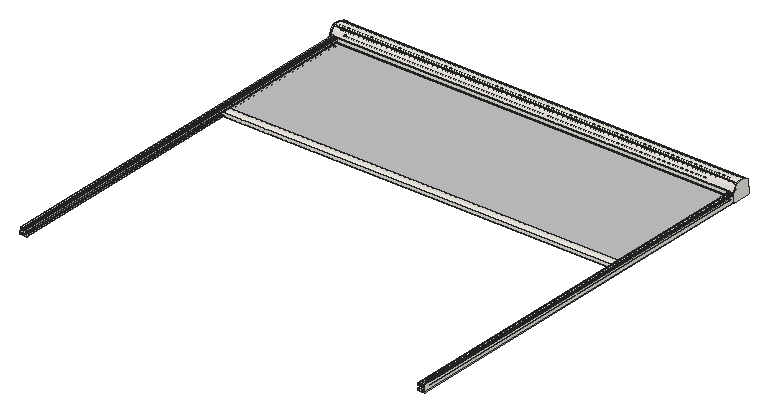
Revit family "Windows_Blinds_Nimex_Zip_130", category Specialty Equipment, host Face, Revit 2018
Family settings
  Host = Face
  Round Connector Dimension = Use Diameter
  Part Type = Normal
  OmniClass Number = 23.40.10.14
  OmniClass Title = Exterior Specialties
  Cut with Voids When Loaded = No
  Shared = No
  Room Calculation Point = No
Parameters (values of type "Zip 130")
  TotalWidthControl [instance] = if(TotalWidth < 700 mm, 700 mm, if(TotalWidth > 4500 mm, 4500 mm, TotalWidth))  # 3000 mm
  WarrantyStartDate [instance] = "n/a"
  WarrantyGuarantorParts = "n/a"
  WarrantyGuarantorLabor = "n/a"
  WarrantyDurationUnit = "Years"
  WarrantyDurationParts = "n/a"
  WarrantyDurationLabor = "n/a"
  WarrantyDescription = "n/a"
  VersionDate = "14/12/2021"  # constant formula
  Version = "2"  # constant formula
  Uniclass2015Reference = "Ss_25_12_60_65"
  Uniclass2015Description = "Privacy screen systems"
  Uniclass2 = "Ss_25_12_60_65"
  URL = ""
  Type Comments = ""
  TotalWidth [instance] = 3000 mm
  TotalHeight [instance] = 3000 mm
  TagNumber [instance] = "n/a"
  SustainabilityPerformance = "n/a"
  HeightLimit [instance] = if(11.00 m² / TotalWidthControl > 4000 mm, 4000 mm, 11.00 m² / TotalWidthControl)  # 3666.667 mm
  Size = "4500x120x4000 mm"
  Shape = "Sculptured"
  SerialNumber [instance] = "n/a"
  ScreenHeightControl [instance] = if(ScreenHeightPosition < 0 mm, 0 mm, if(ScreenHeightPosition > TotalHeightControl - 195 mm, TotalHeightControl - 195 mm, ScreenHeightPosition))  # 1000 mm
  ScreenHeightPosition [instance] = 1000 mm
  Revision = "1"  # constant formula
  ReplacementCost = "n/a"
  ProductInformation = "n/a"
  ProductDatasheet = ""
  NominalWidth [instance] = TotalWidthControl  # 3000 mm
  NominalHeight [instance] = TotalHeightControl  # 3000 mm
  NominalDepth = 121.11 mm
  Name = "Nimex_Zip_130"
  NBSReference = "25-05-60/165"
  NBSDescription = "Privacy screen system"
  ModelReference = "n/a"
  ModelNumber = "n/a"
  Model = "Zip 130"
  Material = "Aluminum & plastic"
  ManufacturerURL = "https://www.nimex.se/"
  ManufacturerName = "Nimex"
  Manufacturer = ManufacturerName  # "Nimex"
  InstallationDate [instance] = "n/a"
  IfcExportType = "BLIND"  # constant formula
  IfcExportAs = "IfcShadingDeviceType"  # constant formula
  TotalHeightControl [instance] = if(TotalHeight < 500 mm, 500 mm, if(TotalHeight > HeightLimit, HeightLimit, TotalHeight))  # 3000 mm
  Grade = "n/a"
  Finish = "Profile color Lacquered aluminum profile. White, gray or black. Optional RAL color at extra cost. Material Plastic details in black or white."
  Features = "Sun protection type Fiberglass-based screen weave."
  ExpectedLife = "n/a"
  DurationUnit = "Years"
  Description = ""
  Default Elevation = 0 mm
  Constituents = "n/a"
  Color = "Various"
  CodePerformance = "n/a"
  Category = "Screens"
  Brand = "Elissi"
  BlindSecondaryMaterial [instance] = White steel
  BlindMainMaterial [instance] = 321707 Pearl-white
  Barcode [instance] = "n/a"
  BIMObjectName = "Windows_Blinds_Nimex_Zip_130"
  Author = "BIMStone"  # constant formula
  AssetType = "Fixed"
  AssetIdentifier [instance] = "n/a"
  Assembly Code = ""
  AccessibilityPerformance = "n/a"
Reference planes
  plane 1 "Center (Front/Back)": y = 0
  plane 2: z = 0
  plane 3 "Center (Left/Right)": x = 0
  plane 4: x = -1500
  plane 5: x = 1500
  plane 6: y = 3000
  plane 7: z = 121.11
Dimensions and locks
  equal spacing: plane 4, plane 3 "Center (Left/Right)", plane 5
  "NominalWidth": plane 4 to plane 5
  "NominalHeight": plane 6 to plane 1 "Center (Front/Back)"
  "NominalDepth": plane 2 to plane 7
  aligned and locked: host face to plane 2
  aligned and locked: level to host face
  aligned and locked: nested 1 to plane 2
  aligned and locked: nested 1 to plane 1 "Center (Front/Back)"
  aligned and locked: plane 3 "Center (Left/Right)" to nested 1
Automatic sketch dimensions
  host sketch curve to host sketch curve = 5000 mm
  host sketch curve to host sketch curve = 5719.2 mm
Nested families
  nested 1: "Zip_130" at (0, 0, 29.5) x (1, 0, 0) z (0, 1, 0), FrameMaterial <- "BlindSecondaryMaterial", ScreenMaterial <- "BlindMainMaterial", ScreenHeigthControl <- "ScreenHeightControl", TotalHeightControl <- "TotalHeightControl", TotalWidthControl <- "TotalWidthControl", type "Zip_130"
    with TotalWidthControl 3000 mm, TotalHeightControl 3000 mm, ScreenMaterial 321707 Pearl-white, ScreenHeigthControl 1000 mm, FrameMaterial White steel
Definition of nested family "Zip_130"
  Parameters (values of type "Zip_130")
    TotalWidthControl [instance] = 1000 mm
    TotalHeightControl [instance] = 2000 mm
    ScreenMaterial [instance] = none
    ScreenHeigthControl [instance] = 500 mm
    FrameMaterial [instance] = none
    Default Elevation = 1219.2 mm
  Reference planes
    plane 1 "Center (Front/Back)": y = 5.4
    plane 2: z = 0
    plane 3 "Center (Left/Right)": x = 0
    plane 4: x = -500
    plane 5: x = 500
    plane 6: z = 2000
    plane 7: y = -20.352
    plane 8: y = 29.5
    plane 9: y = -91.61
    plane 10: z = 1870
    plane 11: z = 1370
    plane 12: z = 1305
  Forms (mm)
    Extrusion 1, solid, material <- "FrameMaterial", detail levels coarse
      sketch origin (0, 0, 0) x (1, 0, 0) y (0, 1, 0)
        loop
          line (-500, 29.5) -> (-500, -91.61) -> (500, -91.61) -> (500, 29.5) -> (-500, 29.5)
      from 0 to 2000 <- "TotalHeightControl"
  Lines and regions (mm)
    symbolic lines, detail levels medium+fine
      curve 1: line (0, -20.352, 1870) -> (0, -20.352, 0)
      curve 2: line (0, 29.5, 1870) -> (0, 29.5, 0)
      curve 3: line (0, 29.5, 0) -> (0, -20.352, 0)
      curve 4: line (-500, 5.4, 2000) -> (500, 5.4, 2000)
      curve 6: line (-500, 5.4, 2000) -> (-500, 5.4, 0)
      curve 7: line (500, 5.4, 0) -> (500, 5.4, 2000)
      curve 11: line (-500, 29.5, 0) -> (500, 29.5, 0)
      curve 12: line (-500, -91.61, 0) -> (-500, 29.5, 0)
      curve 13: line (500, -91.61, 0) -> (-500, -91.61, 0)
      curve 14: line (500, 29.5, 0) -> (500, -91.61, 0)
      curve 17: line (-500, 5.4, 0) -> (-450, 5.4, 0)
      curve 20: line (450, 5.4, 0) -> (500, 5.4, 0)
    symbolic lines, detail levels fine
      curve 5: line (-500, 5.4, 1870) -> (500, 5.4, 1870)
      curve 8: line (-450, 5.4, 1370) -> (450, 5.4, 1370)
      curve 9: line (450, 5.4, 0) -> (450, 5.4, 1870)
      curve 10: line (-450, 5.4, 0) -> (-450, 5.4, 1870)
      curve 15: line (-500, -72.011, 0) -> (500, -72.011, 0)
      curve 16: line (-500, -76.162, 0) -> (500, -76.162, 0)
      curve 18: line (-450, 5.4, 1305) -> (450, 5.4, 1305)
      curve 21: line (426.153, 20.745, 0) -> (-426.153, 20.745, 0)
      curve 22: line (-426.153, -10.055, 0) -> (426.153, -10.055, 0)
      curve 23: line (0, 11.4, 1870) -> (0, 11.4, 0)
      curve 24: line (0, -0.6, 1870) -> (0, -0.6, 0)
    symbolic lines, detail levels medium
      curve 19: line (-450, 5.4, 0) -> (450, 5.4, 0)
  Dimensions and locks
    "TotalWidthControl": plane 4 to plane 5
    equal spacing: plane 4, plane 3 "Center (Left/Right)", plane 5
    plane 8 to plane 9 = 121.11 mm
    locked: plane 6 to plane 10 at 130
    "TotalHeightControl": plane 6 to plane 2
    "ScreenHeigthControl": plane 10 to plane 11
    locked: plane 11 to plane 12 at 65
    aligned and locked: level to plane 2
    aligned and locked: plane 5 to nested 2
    aligned and locked: plane 3 "Center (Left/Right)" to nested 3
    aligned and locked: plane 4 to curve 4
    aligned and locked: plane 5 to curve 4
    aligned and locked: plane 5 to curve 5
    aligned and locked: plane 4 to curve 5
    aligned and locked: curve 5 to curve 10
    aligned and locked: plane 10 to curve 9
    aligned and locked: plane 4 to curve 12
    aligned and locked: plane 5 to curve 14
    aligned and locked: curve 13 to plane 9
    aligned and locked: curve 11 to plane 8
    aligned and locked: plane 2 to curve 10
    aligned and locked: plane 6 to nested 3
    aligned and locked: plane 8 to nested 3  (x2)
    aligned and locked: nested 5 to plane 11
    aligned and locked: plane 8 to nested 1
    aligned and locked: nested 2 to plane 8
    aligned and locked: nested 2 to plane 5  (x2)
    aligned and locked: plane 1 "Center (Front/Back)" to nested 5
    aligned and locked: plane 1 "Center (Front/Back)" to nested 1
    aligned and locked: nested 2 to plane 1 "Center (Front/Back)"
    aligned and locked: plane 3 "Center (Left/Right)" to nested 5
    aligned and locked: plane 1 "Center (Front/Back)" to nested 4
    aligned and locked: curve 18 to plane 12
    aligned and locked: plane 4 to nested 1
    aligned and locked: nested 1 to curve 21
    aligned and locked: curve 22 to nested 1
    aligned and locked: nested 2 to curve 21
    aligned and locked: curve 22 to nested 2
    aligned and locked: plane 10 to curve 23
    aligned and locked: plane 10 to curve 24
    aligned and locked: plane 1 "Center (Front/Back)" to nested 3
  Automatic sketch dimensions
    Extrusion 1 sketch curve to plane 4 = 0 mm
    Extrusion 1 sketch curve to plane 5 = 0 mm
    plane 9 to Extrusion 1 sketch curve = 0 mm
    Extrusion 1 sketch curve to plane 8 = 0 mm
    curve 6 to curve 10 = 50 mm
    curve 19 to curve 7 = 50 mm
    curve 6 to plane 6 = 0 mm
    curve 8 to plane 11 = 0 mm
    curve 21 to plane 8 = 8.755 mm
    plane 7 to curve 22 = 10.297 mm
    curve 12 to curve 16 = 15.447 mm
    curve 16 to curve 15 = 4.152 mm
    curve 3 to level = 0 mm
    curve 3 to plane 7 = 0 mm
    curve 2 to plane 8 = 0 mm
    plane 10 to curve 2 = 0 mm
    plane 10 to curve 1 = 0 mm
    plane 1 "Center (Front/Back)" to curve 24 = 6 mm
    curve 23 to plane 1 "Center (Front/Back)" = 6 mm
  Nested families
    nested 1: "Zip_130_Legs" at (-500, 5.4, 0), TotalHeight <- "TotalHeightControl", Metal <- "FrameMaterial", type "Zip_130_Legs"
      with TotalHeight 2000 mm, Metal none
    nested 2: "Zip_130_Legs" at (500, 5.4, 0) x (-1, 0, 0) z (0, 0, 1), TotalHeight <- "TotalHeightControl", Metal <- "FrameMaterial", type "Zip_130_Legs"
      with TotalHeight 2000 mm, Metal none
    nested 3: "Zip_130_Top" at (0, -17.646, 1870), TotalWidth <- "TotalWidthControl", Metal <- "FrameMaterial", Screen <- "ScreenMaterial", type "Zip_130_Top"
      with TotalWidth 1000 mm, Screen none, Metal none
    nested 4: "Zip_130_Screen" at (0, 5.4, 0), ScreenHeightControl <- "ScreenHeigthControl", TotalHeight <- "TotalHeightControl", TotalWidth <- "TotalWidthControl", Screen <- "ScreenMaterial", type "Zip_130_Screen", detail levels medium+fine
      with TotalWidth 1000 mm, TotalHeight 2000 mm, ScreenHeightControl 500 mm, Screen none
    nested 5: "Zip_130_Screen-Frame" at (0, 5.4, 1305), TotalWidth <- "TotalWidthControl", Metal <- "FrameMaterial", type "Zip_130_Screen-Frame", detail levels medium+fine
      with TotalWidth 1000 mm, Metal none
  Definition of nested family "Zip_130_Legs"
    Parameters (values of type "Zip_130_Legs")
      TotalHeight [instance] = 500 mm
      Metal [instance] = none
    Reference planes
      plane 1 "Center (Front/Back)": y = 0
      plane 2: z = 0
      plane 3 "Center (Left/Right)": x = 0
      plane 4: z = 370
      plane 5: z = 500
      plane 6: y = 24.1
      plane 7: y = -25.752
      plane 8: x = 49.2
    Forms (mm)
      Extrusion 1, solid, material <- "Metal", detail levels medium+fine
        sketch origin (17, 0.4, 0) x (1, 0, 0) y (0, 1, 0)
          loop
            line (31.2, -7.549) -> (22.9, -7.549)
            arc (22.9, -7.549) -> (22.3, -8.149) -> (22.9, -8.749) r 0.6
            line (22.9, -8.749) -> (26.5, -8.749)
            arc (26.5, -8.749) -> (26.854, -8.896) -> (27, -9.249) r 0.5
            line (27, -9.249) -> (27, -13.774)
            arc (27, -13.774) -> (26.854, -14.128) -> (26.5, -14.274) r 0.5
            line (26.5, -14.274) -> (5.5, -14.274)
            arc (5.5, -14.274) -> (4.9, -14.874) -> (5.5, -15.474) r 0.6
            line (5.5, -15.474) -> (11.8, -15.474) -> (11.8, -21.685)
            arc (11.8, -21.685) -> (7.623, -23.137) -> (3.313, -22.149) r 8
            line (3.313, -22.149) -> (0.1, -22.149)
            arc (0.1, -22.149) -> (-0.5, -22.749) -> (0.1, -23.349) r 0.6
            line (0.1, -23.349) -> (2.6, -23.349) -> (2.6, -24.504)
            arc (2.6, -24.504) -> (17.009, -26.151) -> (31.422, -24.541) r 64.554
            arc (31.422, -24.541) -> (31.982, -24.189) -> (32.2, -23.566) r 1
            line (32.2, -23.566) -> (32.2, -8.549)
            arc (32.2, -8.549) -> (31.907, -7.842) -> (31.2, -7.549) r 1
          loop
            arc (9.919, -24.566) -> (18.474, -24.932) -> (27, -24.14) r 63.354
            line (27, -24.14) -> (27, -15.974)
            arc (27, -15.974) -> (26.854, -15.621) -> (26.5, -15.474) r 0.5
            line (26.5, -15.474) -> (13, -15.474) -> (13, -23.109) -> (11.8, -23.109)
            arc (11.8, -23.109) -> (10.855, -23.586) -> (9.862, -23.952) r 9.2
            arc (9.862, -23.952) -> (9.64, -24.282) -> (9.919, -24.566) r 0.315
          loop
            arc (28.2, -23.397) -> (28.373, -23.764) -> (28.766, -23.866) r 0.478
            arc (28.766, -23.866) -> (29.699, -23.684) -> (30.628, -23.488) r 63.354
            arc (30.628, -23.488) -> (30.967, -23.278) -> (31.1, -22.902) r 0.6
            line (31.1, -22.902) -> (31.1, -9.249)
            arc (31.1, -9.249) -> (30.954, -8.896) -> (30.6, -8.749) r 0.5
            line (30.6, -8.749) -> (28.7, -8.749)
            arc (28.7, -8.749) -> (28.346, -8.896) -> (28.2, -9.249) r 0.5
            line (28.2, -9.249) -> (28.2, -23.397)
        from 0 to 370
      Extrusion 2, solid, material <- "Metal", detail levels medium+fine
        sketch origin (67, 0.4, 0) x (1, 0, 0) y (0, 1, 0)
          loop
            arc (-66, 23.701) -> (-66.707, 23.408) -> (-67, 22.701) r 1
            line (-67, 22.701) -> (-67, -23.9)
            arc (-67, -23.9) -> (-66.707, -24.607) -> (-66, -24.9) r 1
            line (-66, -24.9) -> (-47.6, -24.9) -> (-47.6, -23.499) -> (-50.6, -23.499) -> (-50.6, -21.799) -> (-38.683, -21.799)
            arc (-38.683, -21.799) -> (-38.297, -21.503) -> (-38.483, -21.053) r 0.4
            line (-38.483, -21.053) -> (-39.399, -20.524) -> (-48.1, -20.524) -> (-48.1, -17.324) -> (-39.479, -17.324) -> (-38.51, -16.801)
            arc (-38.51, -16.801) -> (-38.312, -16.351) -> (-38.7, -16.049) r 0.4
            line (-38.7, -16.049) -> (-44.6, -16.049) -> (-44.6, -14.349) -> (-41.4, -14.349) -> (-41.4, 15.101) -> (-23.2, 15.101) -> (-23.2, 7.901) -> (-27, 7.901)
            arc (-27, 7.901) -> (-27.6, 7.301) -> (-27, 6.701) r 0.6
            line (-27, 6.701) -> (-18.8, 6.701)
            arc (-18.8, 6.701) -> (-18.093, 6.994) -> (-17.8, 7.701) r 1
            line (-17.8, 7.701) -> (-17.8, 22.701)
            arc (-17.8, 22.701) -> (-18.093, 23.408) -> (-18.8, 23.701) r 1
            line (-18.8, 23.701) -> (-66, 23.701)
          loop
            line (-65.8, -23.7) -> (-51.8, -23.7) -> (-51.8, -20.599) -> (-49.3, -20.599) -> (-49.3, -16.124) -> (-45.8, -16.124) -> (-45.8, -13.149) -> (-42.6, -13.149) -> (-42.6, 13.601) -> (-45.895, 13.601)
            arc (-45.895, 13.601) -> (-47.054, 14.889) -> (-47.324, 16.601) r 3.05
            line (-47.324, 16.601) -> (-51.8, 16.601) -> (-51.8, 22.501) -> (-55.7, 22.501) -> (-55.7, 14.501) -> (-57.2, 14.501) -> (-57.2, 19.501) -> (-59.4, 19.501) -> (-59.4, 20.801) -> (-57.2, 20.801) -> (-57.2, 22.501) -> (-65.8, 22.501) -> (-65.8, 20.801) -> (-63.6, 20.801) -> (-63.6, 19.501) -> (-65.8, 19.501) -> (-65.8, -12.499) -> (-57.2, -12.499) -> (-57.2, -7.499) -> (-55.7, -7.499) -> (-55.7, -13.999) -> (-65.8, -13.999) -> (-65.8, -23.7)
          loop
            line (-41.286, 16.301) -> (-23, 16.301)
            arc (-23, 16.301) -> (-22.293, 16.008) -> (-22, 15.301) r 1
            line (-22, 15.301) -> (-22, 7.901) -> (-19, 7.901) -> (-19, 22.501) -> (-50.6, 22.501) -> (-50.6, 17.951) -> (-45.543, 17.951)
            arc (-45.543, 17.951) -> (-45.183, 17.728) -> (-45.221, 17.306) r 0.403
            line (-45.221, 17.306) -> (-46.05, 16.201)
            arc (-46.05, 16.201) -> (-45.865, 15.418) -> (-45.35, 14.801) r 1.75
            line (-45.35, 14.801) -> (-43.25, 14.801)
            arc (-43.25, 14.801) -> (-42.735, 15.418) -> (-42.55, 16.201) r 1.75
            line (-42.55, 16.201) -> (-43.379, 17.306)
            arc (-43.379, 17.306) -> (-43.417, 17.728) -> (-43.057, 17.951) r 0.403
            line (-43.057, 17.951) -> (-41.973, 17.951)
            arc (-41.973, 17.951) -> (-41.415, 17.215) -> (-41.286, 16.301) r 1.837
        from 0 to 370
    Lines and regions (mm)
      symbolic lines, detail levels fine
        curve 1: line (9.8, -7.1, 0) -> (9.8, -12.1, 0)
        curve 2: line (9.8, -12.1, 0) -> (1.2, -12.1, 0)
        curve 3: line (1.2, -12.1, 0) -> (1.2, 19.9, 0)
        curve 4: line (1.2, 19.9, 0) -> (3.4, 19.9, 0)
        curve 5: line (3.4, 19.9, 0) -> (3.4, 21.2, 0)
        curve 6: line (3.4, 21.2, 0) -> (1.2, 21.2, 0)
        curve 7: line (1.2, 21.2, 0) -> (1.2, 22.9, 0)
        curve 8: line (1.2, 22.9, 0) -> (9.8, 22.9, 0)
        curve 9: line (9.8, 22.9, 0) -> (9.8, 21.2, 0)
        curve 10: line (9.8, 21.2, 0) -> (7.6, 21.2, 0)
        curve 11: line (7.6, 21.2, 0) -> (7.6, 19.9, 0)
        curve 12: line (7.6, 19.9, 0) -> (9.8, 19.9, 0)
        curve 13: line (9.8, 19.9, 0) -> (9.8, 14.9, 0)
        curve 14: line (9.8, 14.9, 0) -> (11.3, 14.9, 0)
        curve 15: line (11.3, 14.9, 0) -> (11.3, 22.9, 0)
        curve 16: line (11.3, 22.9, 0) -> (15.2, 22.9, 0)
        curve 17: line (15.2, 22.9, 0) -> (15.2, 17, 0)
        curve 18: line (15.2, 17, 0) -> (19.676, 17, 0)
        curve 19: arc (19.676, 17, 0) -> (19.946, 15.289, 0) -> (21.105, 14, 0) r 3.05
        curve 20: line (21.105, 14, 0) -> (24.4, 14, 0)
        curve 21: line (24.4, 14, 0) -> (24.4, -12.75, 0)
        curve 22: line (24.4, -12.75, 0) -> (21.2, -12.75, 0)
        curve 23: line (21.2, -12.75, 0) -> (21.2, -15.725, 0)
        curve 24: line (21.2, -15.725, 0) -> (17.7, -15.725, 0)
        curve 25: line (17.7, -15.725, 0) -> (17.7, -20.2, 0)
        curve 26: line (17.7, -20.2, 0) -> (15.2, -20.2, 0)
        curve 27: line (15.2, -20.2, 0) -> (15.2, -23.3, 0)
        curve 28: line (15.2, -23.3, 0) -> (1.2, -23.3, 0)
        curve 29: line (1.2, -23.3, 0) -> (1.2, -13.6, 0)
        curve 30: line (1.2, -13.6, 0) -> (11.3, -13.6, 0)
        curve 31: line (11.3, -13.6, 0) -> (11.3, -7.1, 0)
        curve 32: line (11.3, -7.1, 0) -> (9.8, -7.1, 0)
        curve 33: line (43.8, 15.5, 0) -> (43.8, 8.3, 0)
        curve 34: line (43.8, 8.3, 0) -> (40, 8.3, 0)
        curve 35: arc (40, 8.3, 0) -> (39.4, 7.7, 0) -> (40, 7.1, 0) r 0.6
        curve 36: line (40, 7.1, 0) -> (48.2, 7.1, 0)
        curve 37: arc (48.2, 7.1, 0) -> (48.907, 7.393, 0) -> (49.2, 8.1, 0) r 1
        curve 38: line (49.2, 8.1, 0) -> (49.2, 23.1, 0)
        curve 39: arc (49.2, 23.1, 0) -> (48.907, 23.807, 0) -> (48.2, 24.1, 0) r 1
        curve 40: line (48.2, 24.1, 0) -> (1, 24.1, 0)
        curve 41: arc (1, 24.1, 0) -> (0.293, 23.807, 0) -> (0, 23.1, 0) r 1
        curve 42: line (0, 23.1, 0) -> (0, -23.5, 0)
        curve 43: arc (0, -23.5, 0) -> (0.293, -24.207, 0) -> (1, -24.5, 0) r 1
        curve 44: line (1, -24.5, 0) -> (19.4, -24.5, 0)
        curve 45: line (19.4, -24.5, 0) -> (19.4, -23.1, 0)
        curve 46: line (19.4, -23.1, 0) -> (16.4, -23.1, 0)
        curve 47: line (16.4, -23.1, 0) -> (16.4, -21.4, 0)
        curve 48: line (16.4, -21.4, 0) -> (28.317, -21.4, 0)
        curve 49: arc (28.317, -21.4, 0) -> (28.703, -21.103, 0) -> (28.517, -20.653, 0) r 0.4
        curve 50: line (28.517, -20.653, 0) -> (27.601, -20.125, 0)
        curve 51: line (27.601, -20.125, 0) -> (18.9, -20.125, 0)
        curve 52: line (18.9, -20.125, 0) -> (18.9, -16.925, 0)
        curve 53: line (18.9, -16.925, 0) -> (27.521, -16.925, 0)
        curve 54: line (27.521, -16.925, 0) -> (28.49, -16.402, 0)
        curve 55: arc (28.49, -16.402, 0) -> (28.688, -15.952, 0) -> (28.3, -15.65, 0) r 0.4
        curve 56: line (28.3, -15.65, 0) -> (22.4, -15.65, 0)
        curve 57: line (22.4, -15.65, 0) -> (22.4, -13.95, 0)
        curve 58: line (22.4, -13.95, 0) -> (25.6, -13.95, 0)
        curve 59: line (25.6, -13.95, 0) -> (25.6, 15.5, 0)
        curve 60: line (25.6, 15.5, 0) -> (43.8, 15.5, 0)
        curve 61: line (45, 8.3, 0) -> (45, 15.7, 0)
        curve 62: arc (45, 15.7, 0) -> (44.707, 16.407, 0) -> (44, 16.7, 0) r 1
        curve 63: line (44, 16.7, 0) -> (25.714, 16.7, 0)
        curve 64: arc (25.714, 16.7, 0) -> (25.585, 17.615, 0) -> (25.027, 18.35, 0) r 1.837
        curve 65: line (25.027, 18.35, 0) -> (23.943, 18.35, 0)
        curve 66: arc (23.943, 18.35, 0) -> (23.583, 18.128, 0) -> (23.621, 17.706, 0) r 0.403
        curve 67: line (23.621, 17.706, 0) -> (24.45, 16.6, 0)
        curve 68: arc (24.45, 16.6, 0) -> (24.265, 15.818, 0) -> (23.75, 15.2, 0) r 1.75
        curve 69: line (23.75, 15.2, 0) -> (21.65, 15.2, 0)
        curve 70: arc (21.65, 15.2, 0) -> (21.135, 15.818, 0) -> (20.95, 16.6, 0) r 1.75
        curve 71: line (20.95, 16.6, 0) -> (21.779, 17.706, 0)
        curve 72: arc (21.779, 17.706, 0) -> (21.817, 18.128, 0) -> (21.457, 18.35, 0) r 0.403
        curve 73: line (21.457, 18.35, 0) -> (16.4, 18.35, 0)
        curve 74: line (16.4, 18.35, 0) -> (16.4, 22.9, 0)
        curve 75: line (16.4, 22.9, 0) -> (48, 22.9, 0)
        curve 76: line (48, 22.9, 0) -> (48, 8.3, 0)
        curve 77: line (48, 8.3, 0) -> (45, 8.3, 0)
        curve 78: arc (19.6, -24.104, 0) -> (34.009, -25.752, 0) -> (48.422, -24.141, 0) r 64.554
        curve 79: arc (48.422, -24.141, 0) -> (48.982, -23.79, 0) -> (49.2, -23.166, 0) r 1
        curve 80: line (49.2, -23.166, 0) -> (49.2, -8.15, 0)
        curve 81: arc (49.2, -8.15, 0) -> (48.907, -7.443, 0) -> (48.2, -7.15, 0) r 1
        curve 82: line (48.2, -7.15, 0) -> (39.9, -7.15, 0)
        curve 83: arc (39.9, -7.15, 0) -> (39.3, -7.75, 0) -> (39.9, -8.35, 0) r 0.6
        curve 84: line (39.9, -8.35, 0) -> (43.5, -8.35, 0)
        curve 85: arc (43.5, -8.35, 0) -> (43.854, -8.496, 0) -> (44, -8.85, 0) r 0.5
        curve 86: line (44, -8.85, 0) -> (44, -13.374, 0)
        curve 87: arc (44, -13.374, 0) -> (43.854, -13.728, 0) -> (43.5, -13.874, 0) r 0.5
        curve 88: line (43.5, -13.874, 0) -> (22.5, -13.874, 0)
        curve 89: arc (22.5, -13.874, 0) -> (21.9, -14.474, 0) -> (22.5, -15.074, 0) r 0.6
        curve 90: line (22.5, -15.074, 0) -> (28.8, -15.074, 0)
        curve 91: line (28.8, -15.074, 0) -> (28.8, -21.285, 0)
        curve 92: arc (28.8, -21.285, 0) -> (24.623, -22.738, 0) -> (20.313, -21.75, 0) r 8
        curve 93: line (20.313, -21.75, 0) -> (17.1, -21.75, 0)
        curve 94: arc (17.1, -21.75, 0) -> (16.5, -22.35, 0) -> (17.1, -22.95, 0) r 0.6
        curve 95: line (17.1, -22.95, 0) -> (19.6, -22.95, 0)
        curve 96: line (19.6, -22.95, 0) -> (19.6, -24.104, 0)
        curve 97: line (30, -22.709, 0) -> (30, -15.074, 0)
        curve 98: line (30, -15.074, 0) -> (43.5, -15.074, 0)
        curve 99: arc (43.5, -15.074, 0) -> (43.854, -15.221, 0) -> (44, -15.574, 0) r 0.5
        curve 100: line (44, -15.574, 0) -> (44, -23.74, 0)
        curve 101: arc (44, -23.74, 0) -> (35.474, -24.532, 0) -> (26.919, -24.167, 0) r 63.354
        curve 102: arc (26.919, -24.167, 0) -> (26.64, -23.883, 0) -> (26.862, -23.552, 0) r 0.315
        curve 103: arc (26.862, -23.552, 0) -> (27.855, -23.186, 0) -> (28.8, -22.709, 0) r 9.2
        curve 104: line (28.8, -22.709, 0) -> (30, -22.709, 0)
        curve 105: line (45.2, -22.997, 0) -> (45.2, -8.85, 0)
        curve 106: arc (45.2, -8.85, 0) -> (45.346, -8.496, 0) -> (45.7, -8.35, 0) r 0.5
        curve 107: line (45.7, -8.35, 0) -> (47.6, -8.35, 0)
        curve 108: arc (47.6, -8.35, 0) -> (47.954, -8.496, 0) -> (48.1, -8.85, 0) r 0.5
        curve 109: line (48.1, -8.85, 0) -> (48.1, -22.503, 0)
        curve 110: arc (48.1, -22.503, 0) -> (47.967, -22.879, 0) -> (47.628, -23.089, 0) r 0.6
        curve 111: arc (47.628, -23.089, 0) -> (46.699, -23.285, 0) -> (45.766, -23.467, 0) r 63.354
        curve 112: arc (45.766, -23.467, 0) -> (45.373, -23.365, 0) -> (45.2, -22.997, 0) r 0.478
        curve 113: line (73.847, -15.454, 0) -> (73.847, 15.346, 0)
        curve 114: line (55.347, -15.454, 0) -> (73.847, -15.454, 0)
        curve 115: arc (55.347, -15.454, 0) -> (54.64, -15.161, 0) -> (54.347, -14.454, 0) r 1
        curve 116: line (54.347, -14.454, 0) -> (54.347, -6.554, 0)
        curve 117: line (54.347, -6.554, 0) -> (40.847, -6.554, 0)
        curve 118: arc (39.847, -5.554, 0) -> (40.14, -6.261, 0) -> (40.847, -6.554, 0) r 1
        curve 119: line (39.847, 5.446, 0) -> (39.847, -5.554, 0)
        curve 120: arc (40.847, 6.446, 0) -> (40.14, 6.153, 0) -> (39.847, 5.446, 0) r 1
        curve 121: line (40.847, 6.446, 0) -> (54.347, 6.446, 0)
        curve 122: line (54.347, 6.446, 0) -> (54.347, 14.346, 0)
        curve 123: line (73.847, 15.346, 0) -> (55.347, 15.346, 0)
        curve 124: arc (54.347, 14.346, 0) -> (54.64, 15.053, 0) -> (55.347, 15.346, 0) r 1
        curve 125: line (28.824, 14.461, 0) -> (28.824, -14.539, 0)
        curve 126: line (28.824, -14.539, 0) -> (31.224, -14.539, 0)
        curve 127: line (31.224, -14.539, 0) -> (31.224, -6.439, 0)
        curve 128: line (31.224, -6.439, 0) -> (38.074, -6.439, 0)
        curve 129: arc (38.074, -6.439, 0) -> (38.781, -6.146, 0) -> (39.074, -5.439, 0) r 1
        curve 130: line (39.074, -5.439, 0) -> (39.074, -0.289, 0)
        curve 131: line (39.074, -0.289, 0) -> (36.944, -0.289, 0)
        curve 132: line (36.944, -0.289, 0) -> (36.944, -3.539, 0)
        curve 133: line (36.944, -3.539, 0) -> (31.224, -3.539, 0)
        curve 134: line (31.224, -3.539, 0) -> (31.224, 3.461, 0)
        curve 135: line (31.224, 3.461, 0) -> (36.944, 3.461, 0)
        curve 136: line (36.944, 3.461, 0) -> (36.944, 0.211, 0)
        curve 137: line (36.944, 0.211, 0) -> (39.074, 0.211, 0)
        curve 138: line (39.074, 0.211, 0) -> (39.074, 5.361, 0)
        curve 139: arc (39.074, 5.361, 0) -> (38.781, 6.068, 0) -> (38.074, 6.361, 0) r 1
        curve 140: line (38.074, 6.361, 0) -> (31.224, 6.361, 0)
        curve 141: line (31.224, 6.361, 0) -> (31.224, 14.461, 0)
        curve 142: line (31.224, 14.461, 0) -> (28.824, 14.461, 0)
    Dimensions and locks
      locked: plane 5 to plane 4 at 130
      "TotalHeight": plane 5 to plane 2
      aligned and locked: level to plane 2
      aligned and locked: plane 4 to Extrusion 1
      aligned and locked: plane 4 to Extrusion 2
    Automatic sketch dimensions
      Extrusion 1 sketch curve to Extrusion 1 sketch curve = 0 mm  (x10)
      plane 3 "Center (Left/Right)" to Extrusion 1 sketch curve = 17.1 mm
      plane 3 "Center (Left/Right)" to Extrusion 1 sketch curve = 19.6 mm
      Extrusion 1 sketch curve to Extrusion 1 sketch curve = 0.713 mm
      plane 3 "Center (Left/Right)" to Extrusion 1 sketch curve = 22.5 mm
      Extrusion 1 sketch curve to Extrusion 1 sketch curve = 1.686 mm
      Extrusion 1 sketch curve to Extrusion 1 sketch curve = 1.846 mm
      Extrusion 1 sketch curve to Extrusion 1 sketch curve = 0.2 mm
      Extrusion 1 sketch curve to Extrusion 1 sketch curve = 3.6 mm
      plane 7 to Extrusion 1 sketch curve = 2.012 mm
      Extrusion 1 sketch curve to Extrusion 1 sketch curve = 0.5 mm  (x5)
      Extrusion 1 sketch curve to Extrusion 1 sketch curve = 1.2 mm  (x2)
      Extrusion 1 sketch curve to Extrusion 1 sketch curve = 0.478 mm
      Extrusion 1 sketch curve to Extrusion 1 sketch curve = 0.6 mm  (x3)
      Extrusion 1 sketch curve to Extrusion 1 sketch curve = 0.1 mm  (x2)
      plane 7 to Extrusion 1 sketch curve = 1.648 mm
      plane 7 to Extrusion 1 sketch curve = 2.586 mm
      Extrusion 1 sketch curve to Extrusion 1 sketch curve = 0.743 mm
      Extrusion 1 sketch curve to Extrusion 1 sketch curve = 1.154 mm
      Extrusion 1 sketch curve to Extrusion 1 sketch curve = 1.145 mm
      Extrusion 1 sketch curve to Extrusion 1 sketch curve = 0.663 mm
      Extrusion 1 sketch curve to Extrusion 1 sketch curve = 7.422 mm
      Extrusion 1 sketch curve to Extrusion 1 sketch curve = 4.525 mm
      Extrusion 1 sketch curve to Extrusion 1 sketch curve = 0.7 mm
      plane 6 to Extrusion 1 sketch curve = 14.702 mm
      plane 7 to Extrusion 1 sketch curve = 1.898 mm
      Extrusion 1 sketch curve to Extrusion 1 sketch curve = 6.641 mm
      Extrusion 1 sketch curve to Extrusion 1 sketch curve = 0.092 mm
      Extrusion 1 sketch curve to Extrusion 1 sketch curve = 1.424 mm
      Extrusion 2 sketch curve to Extrusion 2 sketch curve = 0 mm  (x6)
      Extrusion 2 sketch curve to plane 6 = 0 mm
      Extrusion 2 sketch curve to Extrusion 2 sketch curve = 1 mm
      Extrusion 2 sketch curve to Extrusion 2 sketch curve = 0.2 mm  (x10)
      Extrusion 2 sketch curve to Extrusion 2 sketch curve = 2.2 mm  (x2)
      Extrusion 2 sketch curve to Extrusion 2 sketch curve = 4.2 mm
      Extrusion 2 sketch curve to plane 6 = 1.2 mm  (x3)
      plane 3 "Center (Left/Right)" to Extrusion 2 sketch curve = 9.8 mm
      Extrusion 2 sketch curve to Extrusion 2 sketch curve = 1.5 mm  (x3)
      plane 3 "Center (Left/Right)" to Extrusion 2 sketch curve = 15.2 mm  (x2)
      plane 3 "Center (Left/Right)" to Extrusion 2 sketch curve = 16.4 mm  (x2)
      plane 3 "Center (Left/Right)" to Extrusion 2 sketch curve = 17.7 mm
      Extrusion 2 sketch curve to Extrusion 2 sketch curve = 1.2 mm  (x8)
      plane 3 "Center (Left/Right)" to Extrusion 2 sketch curve = 19.4 mm
      plane 3 "Center (Left/Right)" to Extrusion 2 sketch curve = 19.676 mm
      Extrusion 2 sketch curve to Extrusion 2 sketch curve = 1.274 mm
      Extrusion 2 sketch curve to Extrusion 2 sketch curve = 0.155 mm
      Extrusion 2 sketch curve to Extrusion 2 sketch curve = 2.3 mm
      Extrusion 2 sketch curve to Extrusion 2 sketch curve = 0.507 mm
      Extrusion 2 sketch curve to Extrusion 2 sketch curve = 0.545 mm
      Extrusion 2 sketch curve to Extrusion 2 sketch curve = 0.322 mm  (x2)
      Extrusion 2 sketch curve to Extrusion 2 sketch curve = 0.921 mm  (x2)
      Extrusion 2 sketch curve to Extrusion 2 sketch curve = 1.05 mm
      Extrusion 2 sketch curve to Extrusion 2 sketch curve = 0.561 mm
      Extrusion 2 sketch curve to Extrusion 2 sketch curve = 0.65 mm
      Extrusion 2 sketch curve to Extrusion 2 sketch curve = 1.084 mm
      Extrusion 2 sketch curve to Extrusion 2 sketch curve = 0.114 mm
      Extrusion 2 sketch curve to Extrusion 2 sketch curve = 1.921 mm
      Extrusion 2 sketch curve to Extrusion 2 sketch curve = 0.08 mm
      Extrusion 2 sketch curve to Extrusion 2 sketch curve = 0.779 mm
      Extrusion 2 sketch curve to Extrusion 2 sketch curve = 0.716 mm
      Extrusion 2 sketch curve to Extrusion 2 sketch curve = 0.19 mm
      plane 7 to Extrusion 2 sketch curve = 5.098 mm
      Extrusion 2 sketch curve to Extrusion 2 sketch curve = 0.346 mm
      plane 7 to Extrusion 2 sketch curve = 2.652 mm
      Extrusion 2 sketch curve to Extrusion 2 sketch curve = 0.529 mm
      Extrusion 2 sketch curve to Extrusion 2 sketch curve = 3.2 mm
      Extrusion 2 sketch curve to Extrusion 2 sketch curve = 0.523 mm
      Extrusion 2 sketch curve to Extrusion 2 sketch curve = 0.352 mm
      Extrusion 2 sketch curve to Extrusion 2 sketch curve = 1.7 mm
      Extrusion 2 sketch curve to Extrusion 2 sketch curve = 9.7 mm
      Extrusion 2 sketch curve to Extrusion 2 sketch curve = 5 mm
      Extrusion 2 sketch curve to plane 1 "Center (Front/Back)" = 7.1 mm
      Extrusion 2 sketch curve to Extrusion 2 sketch curve = 0.6 mm
      Extrusion 2 sketch curve to plane 6 = 10.1 mm
      Extrusion 2 sketch curve to Extrusion 2 sketch curve = 8 mm
      Extrusion 2 sketch curve to Extrusion 2 sketch curve = 0.3 mm
      Extrusion 2 sketch curve to Extrusion 2 sketch curve = 0.1 mm
      Extrusion 2 sketch curve to Extrusion 2 sketch curve = 0.4 mm
      Extrusion 2 sketch curve to Extrusion 2 sketch curve = 0.307 mm
      Extrusion 2 sketch curve to Extrusion 2 sketch curve = 0.644 mm
      Extrusion 2 sketch curve to Extrusion 2 sketch curve = 1.106 mm
      Extrusion 2 sketch curve to Extrusion 2 sketch curve = 0.242 mm
      Extrusion 2 sketch curve to Extrusion 2 sketch curve = 3 mm  (x3)
      Extrusion 2 sketch curve to Extrusion 2 sketch curve = 1.3 mm  (x2)
      plane 3 "Center (Left/Right)" to Extrusion 1 sketch curve = 33.892 mm
      Extrusion 1 sketch curve to Extrusion 1 sketch curve = 9.9 mm
      Extrusion 1 sketch curve to Extrusion 1 sketch curve = 1.822 mm
      Extrusion 1 sketch curve to Extrusion 1 sketch curve = 1 mm
      Extrusion 2 sketch curve to Extrusion 2 sketch curve = 14.4 mm
      Extrusion 2 sketch curve to Extrusion 2 sketch curve = 3.8 mm
      Extrusion 2 sketch curve to plane 6 = 1 mm
      Extrusion 2 sketch curve to Extrusion 2 sketch curve = 5.4 mm
      Extrusion 2 sketch curve to Extrusion 2 sketch curve = 8.6 mm
      curve 19 to curve 68 = 0 mm  (x4)
      curve 19 to curve 70 = 0 mm  (x6)
      curve 68 to curve 70 = 0 mm  (x4)
      curve 92 to curve 103 = 0 mm  (x6)
      curve 43 to curve 43 = 1 mm  (x2)
      curve 41 to curve 40 = 1.414 mm
      curve 41 to curve 4 = 3.206 mm
      curve 30 to curve 2 = 1.5 mm
      curve 7 to curve 3 = 1.3 mm
      curve 3 to curve 5 = 2.2 mm  (x2)
      curve 4 to curve 11 = 4.2 mm  (x2)
      curve 2 to curve 2 = 8.6 mm  (x2)
      curve 10 to curve 8 = 2.78 mm
      curve 11 to curve 13 = 5.463 mm
      curve 13 to curve 14 = 1.5 mm  (x2)
      curve 1 to curve 32 = 1.5 mm  (x2)
      curve 14 to curve 18 = 4.429 mm
      curve 30 to curve 26 = 7.666 mm
      curve 16 to curve 74 = 1.2 mm  (x2)
      curve 26 to curve 48 = 1.697 mm
      curve 46 to curve 94 = 1.026 mm
      curve 26 to curve 24 = 5.126 mm
      curve 24 to curve 52 = 1.697 mm
      curve 94 to curve 45 = 2.305 mm
      curve 45 to curve 95 = 0.25 mm
      curve 73 to curve 18 = 3.544 mm
      curve 95 to curve 93 = 1.396 mm
      curve 18 to curve 71 = 1.335 mm
      curve 71 to curve 20 = 2.605 mm
      curve 52 to curve 23 = 2.594 mm
      curve 71 to curve 72 = 1.44 mm
      curve 20 to curve 69 = 1.318 mm  (x2)
      curve 72 to curve 71 = 0.403 mm
      curve 23 to curve 56 = 1.202 mm
      curve 57 to curve 89 = 0.534 mm
      curve 72 to curve 70 = 1.439 mm
      curve 68 to curve 67 = 1.439 mm
      curve 19 to curve 69 = 1.75 mm
      curve 64 to curve 68 = 0.64 mm
      curve 66 to curve 66 = 0.403 mm
      curve 89 to curve 103 = 1.708 mm
      curve 69 to curve 21 = 1.365 mm
      curve 65 to curve 65 = 1.084 mm
      curve 67 to curve 59 = 1.591 mm
      curve 59 to curve 63 = 1.205 mm
      curve 93 to curve 102 = 6.966 mm
      curve 58 to curve 53 = 3.541 mm
      curve 53 to curve 51 = 3.201 mm
      curve 53 to curve 56 = 1.494 mm
      curve 50 to curve 48 = 1.462 mm
      curve 55 to curve 54 = 0.4 mm
      curve 49 to curve 50 = 0.4 mm
      curve 56 to curve 91 = 0.762 mm
      curve 48 to curve 104 = 1.396 mm
      curve 90 to curve 97 = 1.2 mm  (x2)
      curve 65 to curve 101 = 22.291 mm
      curve 101 to curve 111 = 0.2 mm  (x2)
      curve 111 to curve 78 = 0 mm  (x4)
      curve 139 to curve 129 = 10.8 mm
      curve 139 to curve 119 = 1.776 mm
      curve 119 to curve 83 = 2.196 mm
      curve 139 to curve 34 = 2.734 mm
      curve 119 to curve 118 = 1 mm
      curve 119 to curve 120 = 1 mm
      curve 83 to curve 98 = 7.628 mm
      curve 117 to curve 84 = 3.203 mm
      curve 87 to curve 98 = 1.7 mm
      curve 35 to curve 60 = 8.141 mm
      curve 33 to curve 63 = 1.217 mm
      curve 85 to curve 86 = 0.5 mm  (x2)
      curve 99 to curve 100 = 8.181 mm
      curve 62 to curve 61 = 1 mm
      curve 101 to curve 105 = 1.412 mm  (x2)
      curve 105 to curve 112 = 0.478 mm
      curve 105 to curve 106 = 0.5 mm
      curve 112 to curve 110 = 1.888 mm
      curve 106 to curve 108 = 1.9 mm
      curve 61 to curve 76 = 3 mm
      curve 110 to curve 109 = 0.6 mm
      curve 75 to curve 39 = 0.283 mm
      curve 76 to curve 36 = 1.217 mm
      curve 108 to curve 82 = 1.342 mm
      curve 109 to curve 79 = 0.671 mm
      curve 79 to curve 80 = 1 mm
      curve 37 to curve 38 = 1 mm
      curve 80 to curve 116 = 8.139 mm
      curve 37 to curve 122 = 8.093 mm
      curve 122 to curve 123 = 1.414 mm
      curve 116 to curve 114 = 1.414 mm
      curve 123 to curve 113 = 18.5 mm  (x2)
      curve 44 to curve 96 = 0.444 mm
      curve 96 to curve 102 = 7.358 mm
      curve 102 to curve 100 = 17.047 mm
      curve 43 to curve 29 = 0.283 mm
      curve 101 to curve 79 = 4.239 mm
      curve 27 to curve 47 = 1.217 mm
      curve 46 to curve 95 = 0.716 mm
      curve 102 to curve 104 = 2.172 mm
      curve 79 to curve 110 = 0.964 mm
      curve 94 to curve 94 = 0.6 mm
      curve 93 to curve 47 = 0.783 mm
      curve 48 to curve 91 = 0.497 mm
      curve 48 to curve 49 = 0.4 mm  (x2)
      curve 94 to curve 26 = 1.662 mm
      curve 25 to curve 52 = 1.202 mm
      curve 50 to curve 53 = 3.201 mm
      curve 53 to curve 54 = 1.101 mm
      curve 54 to curve 55 = 0.4 mm
      curve 24 to curve 56 = 1.202 mm
      curve 80 to curve 114 = 25.826 mm
      curve 56 to curve 90 = 0.584 mm
      curve 89 to curve 89 = 0.6 mm
      curve 57 to curve 89 = 0.125 mm
      curve 28 to curve 30 = 9.7 mm  (x2)
      curve 57 to curve 22 = 1.697 mm
      curve 29 to curve 3 = 1.5 mm  (x2)
      curve 87 to curve 109 = 6.106 mm
      curve 85 to curve 106 = 1.7 mm
      curve 108 to curve 81 = 0.632 mm
      curve 1 to curve 32 = 5 mm  (x2)
      curve 80 to curve 117 = 5.389 mm
      curve 118 to curve 129 = 1.778 mm
      curve 129 to curve 139 = 10.8 mm
      curve 139 to curve 120 = 1.776 mm
      curve 121 to curve 36 = 6.182 mm
      curve 35 to curve 35 = 0.6 mm  (x2)
      curve 33 to curve 77 = 1.2 mm
      curve 139 to curve 20 = 19.041 mm
      curve 121 to curve 124 = 7.963 mm
      curve 19 to curve 13 = 11.341 mm
      curve 33 to curve 60 = 7.2 mm
      curve 33 to curve 62 = 0.283 mm
      curve 71 to curve 18 = 1.335 mm
      curve 68 to curve 64 = 0.64 mm
      curve 67 to curve 66 = 0.72 mm
      curve 71 to curve 71 = 1.382 mm
      curve 71 to curve 72 = 0.403 mm
      curve 13 to curve 4 = 8.122 mm
      curve 13 to curve 13 = 5 mm
      curve 11 to curve 10 = 1.3 mm  (x2)
      curve 3 to curve 7 = 1.3 mm  (x2)
      curve 73 to curve 75 = 4.55 mm
      curve 9 to curve 15 = 2.267 mm
      curve 6 to curve 7 = 1.7 mm
      curve 75 to curve 38 = 1.217 mm
      curve 40 to curve 78 = 20.376 mm
      curve 101 to curve 78 = 0.2 mm
      curve 102 to curve 103 = 0 mm  (x2)
      curve 90 to curve 125 = 0.536 mm  (x2)
      curve 141 to curve 139 = 6.85 mm  (x2)
      curve 128 to curve 129 = 6.85 mm
      curve 97 to curve 127 = 1.336 mm  (x2)
      curve 134 to curve 127 = 2.9 mm
      curve 133 to curve 129 = 2.211 mm
      curve 131 to curve 136 = 0.5 mm  (x2)
      curve 129 to curve 118 = 0.782 mm
      curve 137 to curve 131 = 0.5 mm
      curve 111 to curve 112 = 0 mm  (x2)
      curve 129 to curve 132 = 2.211 mm
      curve 132 to curve 131 = 3.886 mm
      curve 135 to curve 139 = 2.211 mm
      curve 142 to curve 59 = 5.719 mm
      curve 42 to plane 3 "Center (Left/Right)" = 0 mm
      curve 39 to plane 6 = 0 mm
      curve 38 to plane 8 = 0 mm
      curve 79 to plane 8 = 0 mm
      curve 41 to curve 41 = 1 mm
      curve 72 to plane 6 = 6.153 mm
      curve 41 to curve 72 = 20.457 mm
      curve 72 to curve 70 = 1.243 mm
      curve 19 to curve 64 = 1.189 mm
      curve 64 to curve 66 = 0.054 mm
      curve 89 to curve 103 = 1.686 mm
      plane 7 to curve 102 = 1.898 mm
      curve 92 to curve 102 = 2.768 mm
      curve 92 to curve 55 = 4.114 mm
      curve 102 to curve 49 = 1.363 mm
      curve 139 to plane 1 "Center (Front/Back)" = 5.361 mm
      curve 139 to curve 129 = 0 mm
      curve 129 to curve 83 = 1.826 mm
      curve 139 to curve 35 = 1.926 mm
      curve 83 to curve 118 = 0.947 mm
      curve 35 to curve 120 = 0.847 mm
      curve 118 to curve 85 = 2.653 mm
      curve 87 to curve 85 = 0 mm
      curve 99 to curve 87 = 0 mm
      curve 62 to plane 8 = 5.2 mm
      curve 85 to curve 106 = 2.2 mm
      curve 39 to curve 38 = 1 mm
      curve 108 to curve 81 = 0.6 mm
      curve 110 to curve 79 = 0.7 mm
      plane 8 to curve 115 = 6.147 mm
      plane 8 to curve 124 = 6.147 mm
      plane 7 to curve 79 = 2.586 mm
      curve 79 to curve 112 = 0.169 mm
      curve 79 to curve 110 = 0.663 mm
      curve 55 to curve 92 = 1.3 mm
      curve 92 to curve 89 = 0.275 mm
      curve 79 to curve 115 = 8.712 mm
      curve 87 to curve 85 = 4.525 mm
      curve 85 to curve 108 = 0 mm
      curve 85 to curve 106 = 0 mm
      curve 108 to curve 81 = 0.7 mm
      curve 118 to curve 129 = 0.115 mm
      curve 139 to curve 120 = 0.085 mm
      curve 37 to curve 124 = 6.245 mm
      curve 19 to curve 72 = 1.347 mm
      curve 68 to curve 64 = 0.307 mm
      curve 64 to curve 66 = 1.04 mm
      curve 101 to curve 78 = 0 mm
      plane 3 "Center (Left/Right)" to curve 4 = 1.2 mm
      plane 3 "Center (Left/Right)" to curve 30 = 1.2 mm
      plane 3 "Center (Left/Right)" to curve 7 = 1.2 mm
      curve 8 to plane 6 = 1.2 mm
      curve 10 to curve 8 = 2.2 mm
      curve 9 to curve 13 = 0 mm
      curve 14 to curve 18 = 3.9 mm
      curve 26 to curve 94 = 1.9 mm
      curve 48 to curve 94 = 0.7 mm
      curve 93 to curve 26 = 0.6 mm
      curve 24 to curve 52 = 1.2 mm
      curve 94 to curve 45 = 2.3 mm
      curve 45 to curve 95 = 0.2 mm
      curve 19 to curve 72 = 1.781 mm
      curve 95 to curve 92 = 0.713 mm
      curve 18 to curve 71 = 1.274 mm
      curve 71 to curve 20 = 0.155 mm
      curve 23 to curve 89 = 1.3 mm
      curve 19 to curve 69 = 0.545 mm
      curve 72 to curve 72 = 0.322 mm
      curve 71 to plane 6 = 6.394 mm
      curve 56 to curve 89 = 0.1 mm
      curve 66 to curve 66 = 0.322 mm
      curve 67 to plane 6 = 6.394 mm
      curve 69 to curve 64 = 0.139 mm
      curve 68 to curve 21 = 0.65 mm
      curve 64 to curve 68 = 0.561 mm
      curve 66 to curve 65 = 1.084 mm
      curve 68 to curve 59 = 1.15 mm
      curve 59 to curve 63 = 0.114 mm
      curve 103 to curve 102 = 0.092 mm
      curve 102 to curve 102 = 0.035 mm
      curve 101 to curve 102 = 0 mm
      curve 53 to curve 55 = 0.779 mm
      plane 7 to curve 54 = 8.827 mm
      curve 51 to curve 49 = 0.716 mm
      curve 55 to curve 55 = 0.19 mm
      curve 49 to curve 49 = 0.2 mm
      curve 56 to curve 91 = 0.5 mm
      curve 48 to curve 103 = 0.483 mm
      curve 90 to curve 125 = 0.024 mm
      curve 97 to curve 127 = 1.224 mm
      curve 134 to curve 127 = 0 mm
      curve 137 to plane 1 "Center (Front/Back)" = 0.211 mm
      curve 133 to curve 129 = 1.13 mm
      curve 131 to curve 136 = 0 mm
      plane 1 "Center (Front/Back)" to curve 131 = 0.289 mm
      curve 129 to curve 129 = 1 mm
      curve 137 to curve 131 = 0 mm
      curve 138 to curve 119 = 0.774 mm
      curve 60 to curve 62 = 0.2 mm  (x2)
      curve 100 to curve 112 = 1.678 mm
      curve 62 to curve 62 = 1 mm
      curve 112 to curve 112 = 0.478 mm
      curve 112 to curve 112 = 0.088 mm
      curve 111 to curve 79 = 0.572 mm
      curve 110 to curve 111 = 0 mm
      curve 76 to curve 37 = 0.2 mm
      curve 108 to curve 108 = 0.5 mm
      curve 110 to curve 110 = 0.6 mm
      curve 78 to plane 8 = 0.778 mm
      curve 79 to curve 78 = 0 mm
      curve 124 to curve 124 = 1 mm
      curve 116 to curve 115 = 1 mm
      plane 7 to curve 96 = 1.648 mm
      curve 102 to curve 102 = 0.313 mm
      curve 44 to curve 96 = 0.396 mm
      curve 43 to curve 29 = 0.2 mm
      curve 47 to curve 94 = 0.75 mm
      curve 78 to curve 46 = 1.004 mm
      curve 95 to curve 94 = 0.6 mm
      curve 93 to curve 47 = 0.35 mm
      curve 93 to curve 26 = 1.55 mm
      curve 25 to curve 52 = 0.075 mm
      curve 24 to curve 89 = 1.25 mm
      curve 56 to curve 98 = 0.575 mm
      curve 90 to curve 125 = 0.535 mm
      curve 97 to curve 127 = 0.535 mm
      curve 57 to curve 89 = 0.075 mm
      curve 92 to curve 58 = 0.8 mm
      curve 57 to curve 22 = 1.2 mm
      curve 80 to curve 117 = 1.595 mm
      curve 129 to curve 132 = 1.9 mm
      curve 135 to curve 139 = 1.9 mm
      curve 121 to curve 37 = 1.655 mm
      curve 37 to curve 77 = 0.2 mm
      curve 33 to curve 61 = 0 mm
      curve 19 to curve 70 = 1.2 mm
      curve 20 to curve 142 = 0.461 mm
      curve 14 to curve 18 = 2.1 mm
      curve 4 to curve 8 = 3 mm
      curve 13 to curve 8 = 3 mm
      curve 75 to plane 6 = 1.2 mm
      curve 15 to plane 6 = 1.2 mm
  Definition of nested family "Zip_130_Top"
    Parameters (values of type "Zip_130_Top")
      TotalWidth [instance] = 500 mm
      Screen [instance] = none
      Metal [instance] = none
    Reference planes
      plane 1 "Center (Front/Back)": y = 23.081
      plane 2: z = 0
      plane 3 "Center (Left/Right)": x = 0
      plane 4: x = 250
      plane 5: x = -250
      plane 6: y = 47.146
      plane 7: x = -245
      plane 8: x = 245
      plane 9: z = 130
      plane 10: y = -72.618
      plane 11: x = -210
      plane 12: x = 210
    Forms (mm)
      Extrusion 1, solid, material <- "Metal", detail levels medium+fine
        sketch origin (0, -5.435, 30) x (0, 1, 0) y (0, 0, 1)
          loop
            arc (47.281, -11.445) -> (46.447, -11.693) -> (45.696, -12.135) r 3.599
            arc (45.696, -12.135) -> (45.357, -13.252) -> (46.309, -13.929) r 1
            arc (46.309, -13.929) -> (47.702, -13.103) -> (49.226, -13.652) r 1.899
            line (49.226, -13.652) -> (49.861, -14.287)
            arc (49.861, -14.287) -> (50.154, -14.994) -> (49.861, -15.701) r 1
            line (49.861, -15.701) -> (49.225, -16.337)
            arc (49.225, -16.337) -> (47.702, -16.885) -> (46.309, -16.059) r 1.899
            arc (46.309, -16.059) -> (45.375, -16.677) -> (45.59, -17.777) r 1.007
            arc (45.59, -17.777) -> (47.775, -18.597) -> (50.004, -17.908) r 3.605
            arc (50.004, -17.908) -> (50.517, -17.883) -> (50.781, -18.324) r 0.5
            line (50.781, -18.324) -> (50.781, -26.365)
            arc (50.781, -26.365) -> (50.653, -26.854) -> (50.301, -27.219) r 1
            arc (50.301, -27.219) -> (50.346, -29.808) -> (52.581, -28.5) r 1.5
            line (52.581, -28.5) -> (52.581, -15.737)
            arc (52.581, -15.737) -> (52.353, -14.589) -> (51.702, -13.615) r 3
            line (51.702, -13.615) -> (49.372, -11.286)
            arc (49.372, -11.286) -> (49.157, -10.962) -> (49.081, -10.581) r 0.999
            line (49.081, -10.581) -> (49.081, 4.591)
            arc (49.081, 4.591) -> (49.157, 4.973) -> (49.373, 5.297) r 1
            line (49.373, 5.297) -> (52.288, 8.212)
            arc (52.288, 8.212) -> (52.505, 8.537) -> (52.581, 8.919) r 1
            line (52.581, 8.919) -> (52.581, 72.086)
            arc (52.581, 72.086) -> (52.505, 72.468) -> (52.288, 72.793) r 1
            line (52.288, 72.793) -> (49.374, 75.707)
            arc (49.374, 75.707) -> (49.157, 76.032) -> (49.081, 76.414) r 1
            line (49.081, 76.414) -> (49.081, 90.08)
            arc (49.081, 90.08) -> (49.376, 91.376) -> (50.201, 92.417) r 3
            arc (50.201, 92.417) -> (51.218, 93.702) -> (51.581, 95.3) r 3.7
            line (51.581, 95.3) -> (51.581, 96.5)
            arc (51.581, 96.5) -> (51.687, 96.947) -> (51.981, 97.3) r 1
            arc (51.981, 97.3) -> (52.111, 99.591) -> (49.831, 99.329) r 1.5
            arc (49.831, 99.329) -> (49.424, 98.977) -> (48.893, 98.887) r 1
            line (48.893, 98.887) -> (47.825, 99)
            arc (47.825, 99) -> (47.116, 99.32) -> (46.738, 100) r 1.237
            line (46.738, 100) -> (45.581, 100)
            arc (45.581, 100) -> (45.228, 99.854) -> (45.081, 99.5) r 0.5
            line (45.081, 99.5) -> (45.081, 98)
            arc (45.081, 98) -> (44.642, 96.939) -> (43.581, 96.5) r 1.5
            line (43.581, 96.5) -> (29.495, 96.5)
            arc (29.495, 96.5) -> (29.113, 96.576) -> (28.789, 96.792) r 1
            line (28.789, 96.792) -> (25.874, 99.707)
            arc (25.874, 99.707) -> (25.55, 99.924) -> (25.167, 100) r 1
            line (25.167, 100) -> (-17.505, 100)
            arc (-17.505, 100) -> (-17.886, 99.924) -> (-18.21, 99.708) r 1
            line (-18.21, 99.708) -> (-21.126, 96.793)
            arc (-21.126, 96.793) -> (-21.45, 96.576) -> (-21.833, 96.5) r 1
            line (-21.833, 96.5) -> (-35.505, 96.5)
            arc (-35.505, 96.5) -> (-35.886, 96.576) -> (-36.21, 96.791) r 1
            line (-36.21, 96.791) -> (-38.538, 99.119)
            arc (-38.538, 99.119) -> (-39.512, 99.771) -> (-40.661, 100) r 3
            line (-40.661, 100) -> (-48.669, 100)
            arc (-48.669, 100) -> (-50.356, 98.715) -> (-49.566, 96.747) r 1.75
            arc (-49.566, 96.747) -> (-49.188, 96.343) -> (-49.082, 95.8) r 1
            line (-49.082, 95.8) -> (-49.212, 94.352)
            arc (-49.212, 94.352) -> (-46.466, 92.865) -> (-47.271, 95.882) r 1.7
            line (-47.271, 95.882) -> (-47.108, 97.751)
            arc (-47.108, 97.751) -> (-43.96, 95.088) -> (-44.489, 91) r 4.31
            line (-44.489, 91) -> (-40.719, 91) -> (-40.719, 93.4)
            arc (-40.719, 93.4) -> (-42.227, 94.145) -> (-42.553, 95.795) r 1.9
            line (-42.553, 95.795) -> (-42.321, 96.661)
            arc (-42.321, 96.661) -> (-41.856, 97.268) -> (-41.098, 97.369) r 1
            line (-41.098, 97.369) -> (-40.229, 97.136)
            arc (-40.229, 97.136) -> (-38.964, 96.028) -> (-39.073, 94.35) r 1.9
            line (-39.073, 94.35) -> (-37.7, 93.557) -> (-37.04, 94.7) -> (-21.916, 94.7)
            arc (-21.916, 94.7) -> (-20.769, 94.928) -> (-19.796, 95.577) r 3
            line (-19.796, 95.577) -> (-17.466, 97.907)
            arc (-17.466, 97.907) -> (-17.142, 98.124) -> (-16.759, 98.2) r 1
            line (-16.759, 98.2) -> (24.421, 98.2)
            arc (24.421, 98.2) -> (24.804, 98.124) -> (25.129, 97.907) r 1
            line (25.129, 97.907) -> (27.457, 95.579)
            arc (27.457, 95.579) -> (28.43, 94.928) -> (29.578, 94.7) r 3
            line (29.578, 94.7) -> (44.084, 94.7) -> (44.863, 94.491) -> (46.046, 94.808)
            arc (46.046, 94.808) -> (46.374, 96.457) -> (47.881, 97.2) r 1.9
            line (47.881, 97.2) -> (48.781, 97.2)
            arc (48.781, 97.2) -> (49.488, 96.907) -> (49.781, 96.2) r 1
            line (49.781, 96.2) -> (49.781, 95.3)
            arc (49.781, 95.3) -> (49.038, 93.793) -> (47.389, 93.465) r 1.9
            line (47.389, 93.465) -> (47.072, 92.282) -> (47.281, 91.503) -> (47.281, 76.497)
            arc (47.281, 76.497) -> (47.51, 75.349) -> (48.16, 74.376) r 3
            line (48.16, 74.376) -> (50.488, 72.047)
            arc (50.488, 72.047) -> (50.705, 71.723) -> (50.781, 71.34) r 1
            line (50.781, 71.34) -> (50.781, 9.665)
            arc (50.781, 9.665) -> (50.705, 9.282) -> (50.488, 8.958) r 1
            line (50.488, 8.958) -> (48.16, 6.629)
            arc (48.16, 6.629) -> (47.51, 5.656) -> (47.281, 4.508) r 3
            line (47.281, 4.508) -> (47.281, -11.445)
          loop
            arc (-49.615, 89.869) -> (-44.441, 91.643) -> (-45.849, 96.928) r 4.01
            arc (-45.849, 96.928) -> (-46.677, 96.735) -> (-46.479, 95.908) r 0.599
            arc (-46.479, 95.908) -> (-45.619, 93.576) -> (-47.695, 92.208) r 2
            line (-47.695, 92.208) -> (-49.205, 92.34)
            arc (-49.205, 92.34) -> (-49.991, 92.195) -> (-50.591, 91.667) r 1.5
            arc (-50.591, 91.667) -> (-67.47, 46.726) -> (-63.6, -1.123) r 109.995
            arc (-63.6, -1.123) -> (-62.932, -2.493) -> (-61.881, -3.599) r 5
            arc (-61.881, -3.599) -> (-38.415, -18.478) -> (-12.607, -28.774) r 150
            arc (-12.607, -28.774) -> (-8.407, -29.692) -> (-4.119, -30) r 30
            line (-4.119, -30) -> (22.595, -30)
            arc (22.595, -30) -> (23.249, -29.739) -> (23.544, -29.1) r 0.95
            arc (23.544, -29.1) -> (23.249, -28.461) -> (22.595, -28.2) r 0.95
            line (22.595, -28.2) -> (-4.119, -28.2)
            arc (-4.119, -28.2) -> (-8.15, -27.911) -> (-12.098, -27.048) r 28.2
            arc (-12.098, -27.048) -> (-37.598, -16.874) -> (-60.785, -2.171) r 148.2
            arc (-60.785, -2.171) -> (-61.457, -1.464) -> (-61.885, -0.587) r 3.2
            arc (-61.885, -0.587) -> (-65.756, 45.998) -> (-49.615, 89.869) r 108.197
        from -245 to 245
      Extrusion 2, solid, material <- "Metal", detail levels medium+fine
        sketch origin (0, -5.435, -17.5) x (0, 1, 0) y (0, 0, 1)
          loop
            arc (52.581, 146) -> (52.142, 147.061) -> (51.081, 147.5) r 1.5
            line (51.081, 147.5) -> (-48.669, 147.5)
            arc (-48.669, 147.5) -> (-50.356, 146.216) -> (-49.568, 144.248) r 1.75
            arc (-49.568, 144.248) -> (-49.19, 143.844) -> (-49.085, 143.301) r 1
            line (-49.085, 143.301) -> (-49.275, 141.133)
            arc (-49.275, 141.133) -> (-67.299, 95.397) -> (-63.6, 46.377) r 109.995
            arc (-63.6, 46.377) -> (-62.932, 45.007) -> (-61.881, 43.901) r 5
            arc (-61.881, 43.901) -> (-38.415, 29.022) -> (-12.607, 18.726) r 150
            arc (-12.607, 18.726) -> (-8.339, 17.798) -> (-3.981, 17.5) r 30
            line (-3.981, 17.5) -> (51.107, 17.5)
            arc (51.107, 17.5) -> (52.14, 17.937) -> (52.581, 18.968) r 1.5
            line (52.581, 18.968) -> (52.581, 146)
        from -250 to -245
      Extrusion 3, solid, material <- "Metal", detail levels medium+fine
        sketch origin (0, -5.435, -17.5) x (0, 1, 0) y (0, 0, 1)
          loop
            arc (-48.669, 147.5) -> (-50.356, 146.216) -> (-49.568, 144.248) r 1.75
            arc (-49.568, 144.248) -> (-49.19, 143.844) -> (-49.085, 143.301) r 1
            line (-49.085, 143.301) -> (-49.265, 141.244)
            arc (-49.265, 141.244) -> (-67.286, 95.457) -> (-63.601, 46.389) r 110.299
            arc (-63.601, 46.389) -> (-62.933, 45.016) -> (-61.882, 43.91) r 5
            arc (-61.882, 43.91) -> (-38.411, 29.025) -> (-12.597, 18.726) r 150
            arc (-12.597, 18.726) -> (-8.397, 17.808) -> (-4.11, 17.5) r 30
            line (-4.11, 17.5) -> (51.107, 17.5)
            arc (51.107, 17.5) -> (52.14, 17.937) -> (52.581, 18.968) r 1.5
            line (52.581, 18.968) -> (52.581, 146)
            arc (52.581, 146) -> (52.142, 147.061) -> (51.081, 147.5) r 1.5
            line (51.081, 147.5) -> (-48.669, 147.5)
        from 245 to 250
      Extrusion 4, solid, material <- "Screen", detail levels medium+fine
        sketch origin (0, 0, 0) x (0, 1, 0) y (0, 0, 1)
          loop
            line (32.772, 44.068) -> (22.589, 1) -> (23.574, 1) -> (35.947, 53.331)
            arc (35.947, 53.331) -> (-60.009, 81.05) -> (32.772, 44.068) r 50
          loop
            circle (-12.711, 64.836) r 41
        from -210 to 210
      Extrusion 5, solid, material <- "Metal", detail levels medium+fine
        sketch origin (0, 0, 0) x (0, 1, 0) y (0, 0, 1)
          loop
            arc (-9.718, 104.724) -> (-10.634, 104.124) -> (-10.293, 103.083) r 0.9
            arc (-10.293, 103.083) -> (-13.085, 93.844) -> (-16.114, 103.008) r 5.062
            arc (-16.114, 103.008) -> (-15.8, 104.057) -> (-16.732, 104.633) r 0.9
            arc (-16.732, 104.633) -> (-32.272, 99.727) -> (-44.565, 89.029) r 40
            arc (-44.565, 89.029) -> (-46.045, 83.479) -> (-49.999, 79.313) r 11.638
            arc (-49.999, 79.313) -> (-52.708, 64.354) -> (-49.64, 49.464) r 40
            arc (-49.64, 49.464) -> (-45.586, 45.394) -> (-43.973, 39.882) r 11.638
            arc (-43.973, 39.882) -> (-12.277, 24.838) -> (19.085, 40.567) r 40
            arc (19.085, 40.567) -> (20.569, 46.197) -> (24.595, 50.404) r 11.638
            arc (24.595, 50.404) -> (27.286, 65.318) -> (24.236, 80.162) r 40
            arc (24.236, 80.162) -> (20.11, 84.271) -> (18.491, 89.864) r 11.638
